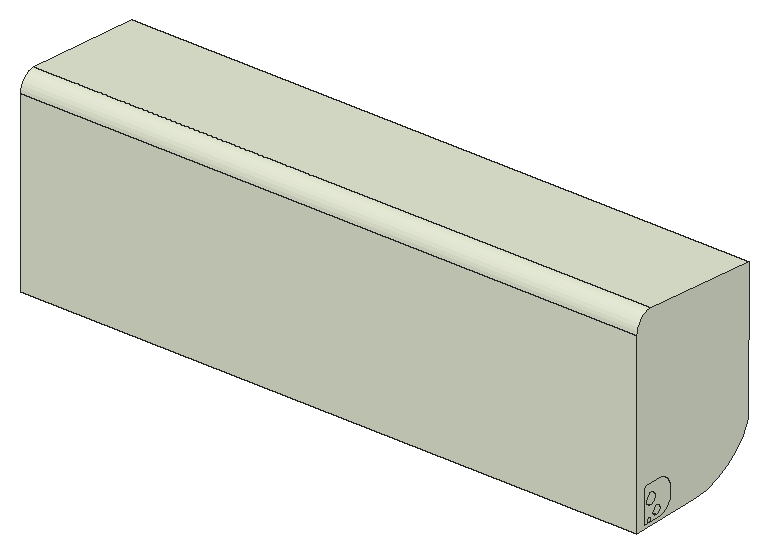
Revit family "Trane_TVR_Indoor_Wall mounted_4TVW0012(15)EF000AA(2nd DC)", category Equipamento mecânico, Revit 2019
Family settings
  Cota do conector redondo = Utilizar diâmetro
  Tipo de parte = Normal
  Número OmniClass = 23.75.00.00
  Título OmniClass = Climate Control (HVAC)
  Com base no plano de trabalho = Não
  Sempre na vertical = Sim
  Corte com vazios quando carregada = Não
  Compartilhado = Não
  Ponto de cálculo do ambiente = Não
Parameters (values of type "4TVW0012EF000AA")
  clearance access right = 0.000 mm
  clearance access left = 0.000 mm
  clearance access front = 0.000 mm
  clearance access behind = 0.000 mm
  clearance [instance] = no
  Width = 990.000 mm
  URL = "https://www.trane.com/commercial/latin-america/br/pt.html"
  Series = "TVR ULTRA"
  Power supply = "220-240V ~50/60Hz"
  Panel color = "S1022"
  Net Weight = 11.40 kg
  Modelo = "4TVW0012EF000AA"
  Minimum Circuit Amps = 0.36 A
  Maximum Fuse Amps = 15 A
  Fabricante = "Trane"
  Machine material = Galvanized Steel
  Liquid pipe = 6.350 mm
  Installation = "Indoor installation"
  Height = 315.000 mm
  Heating Power Input = 30 W
  Heating Capacity = 4 kW
  Gas pipe = 12.700 mm
  Gas = "R410a"
  Descrição = "High efficiency air cooled"
  Depth = 223.000 mm
  Cooling Power Input = 30 W
  Cooling Capacity = 3.6 kW
  Condensation = "air"
  Air  Flow = "656/628/591/573/544/515/488 m3/h"
Types (3, lengths in mm): name | Net Weight | Modelo | Minimum Circuit Amps | Heating Power Input | Heating Capacity | Cooling Power Input | Cooling Capacity | Air  Flow
  (no name) | 11.40 kg | "4TVW0012EF000AA" | 0.36 A | 30 W | 4 kW | 30 W | 3.6 kW | "656/628/591/573/544/515/488 m3/h"
  4TVW0012EF000AA | 11.40 kg | "4TVW0012EF000AA" | 0.36 A | 30 W | 4 kW | 30 W | 3.6 kW | "656/628/591/573/544/515/488 m3/h"
  4TVW0015EF000AA | 12.80 kg | "4TVW0015EF000AA" | 0.38 A | 40 W | 5 kW | 40 W | 4.5 kW | "594/563/535/507/478/450/424 m3/h"
Reference planes
  plane 1 "center(front/back)": y = 0
  plane 2: z = 0
  plane 3 "center(left/right)": x = 0
  plane 4: z = 315
Forms (mm)
  Extrusion 1, solid, material "Galvanized Steel" <- "Machine material", detail levels fine
    sketch origin (0, 125, 12.5) x (0, 1, 0) y (0, 0, 1)
      loop
        circle (-113.005, 29.131) r 8.25
    from -327.547 to 495
  Extrusion 2, solid, material "Galvanized Steel" <- "Machine material", detail levels fine
    sketch origin (0, 123.592, 9.769) x (0, 1, 0) y (0, 0, 1)
      loop
        circle (-100.476, 10.907) r 6.35
    from -327.547 to 495
  Extrusion 3, solid, material "Galvanized Steel" <- "Machine material", detail levels fine
    sketch origin (0, 127.199, 0) x (0, 1, 0) y (0, 0, 1)
      loop
        circle (-119.554, 12.9) r 3.175
    from -327.547 to 495
  Extrusion 4, solid, material "Galvanized Steel" <- "Machine material", detail levels medium+fine
    sketch origin (0, 0, 0) x (0, 1, 0) y (0, 0, 1)
      loop
        line (-15.153, 3.096) -> (102.269, 3.096)
        arc (102.269, 3.096) -> (164.737, 21.198) -> (207.847, 69.896) r 116.833
        line (207.847, 69.896) -> (207.847, 295.428) -> (12.607, 314.663)
        arc (12.607, 314.663) -> (-7.022, 306.533) -> (-15.153, 286.904) r 27.759
        line (-15.153, 286.904) -> (-15.153, 3.096)
    from 495 to -495
  Extrusion 5, solid, material "Galvanized Steel" <- "Machine material", detail levels fine
    sketch origin (0, 0, 0) x (0, 1, 0) y (0, 0, 1)
      loop
        arc (101.5, 0) -> (137.495, 5.734) -> (169.928, 22.368) r 115.852
        line (169.928, 22.368) -> (162.857, 29.439) -> (91.134, 7.511) -> (91.134, 0) -> (101.5, 0)
    from 435 to -435
  Extrusion 6, solid, material "Galvanized Steel" <- "Machine material", detail levels fine
    sketch origin (0, 0, 0) x (0, 1, 0) y (0, 0, 1)
      loop
        line (0, 63) -> (0, 9) -> (30, 9)
        arc (30, 9) -> (44.142, 14.858) -> (50, 29) r 20
        line (50, 29) -> (50, 43)
        arc (50, 43) -> (44.142, 57.142) -> (30, 63) r 20
        line (30, 63) -> (0, 63)
    from 495 to -495
Lines and regions (mm)
  model lines, detail levels fine
    curve 1: line (435, 183.698, 297.807) -> (-320, 183.698, 297.807)
    curve 2: line (-320, 183.698, 297.807) -> (-320, 33.076, 312.647)
    curve 3: line (-320, 33.076, 312.647) -> (435, 33.076, 312.647)
    curve 4: line (435, 33.076, 312.647) -> (435, 183.698, 297.807)
    curve 5: line (-20, 33.076, 312.647) -> (-20, 183.698, 297.807)
    curve 6: line (130, 33.076, 312.647) -> (130, 183.698, 297.807)
    curve 7: line (-170, 33.076, 312.647) -> (-170, 183.698, 297.807)
    curve 8: line (205, 33.076, 312.647) -> (205, 183.698, 297.807)
    curve 9: line (55, 33.076, 312.647) -> (55, 183.698, 297.807)
    curve 10: line (-95, 33.076, 312.647) -> (-95, 183.698, 297.807)
    curve 11: line (-245, 33.076, 312.647) -> (-245, 183.698, 297.807)
    curve 12: line (435, 82.835, 307.744) -> (-320, 82.835, 307.744)
    curve 13: line (435, 133.939, 302.71) -> (-320, 133.939, 302.71)
    curve 14: line (202, 33.076, 312.647) -> (202, 183.698, 297.807)
    curve 15: line (127, 33.076, 312.647) -> (127, 183.698, 297.807)
    curve 16: line (52, 33.076, 312.647) -> (52, 183.698, 297.807)
    curve 17: line (-23, 33.076, 312.647) -> (-23, 183.698, 297.807)
    curve 18: line (-98, 33.076, 312.647) -> (-98, 183.698, 297.807)
    curve 19: line (-173, 33.076, 312.647) -> (-173, 183.698, 297.807)
    curve 20: line (-248, 33.076, 312.647) -> (-248, 183.698, 297.807)
    curve 21: line (435, 79.85, 308.038) -> (-320, 79.85, 308.038)
    curve 22: line (435, 136.924, 302.415) -> (-320, 136.924, 302.415)
    curve 39: line (280, 33.076, 312.647) -> (280, 183.698, 297.807)
    curve 40: line (277, 33.076, 312.647) -> (277, 183.698, 297.807)
    curve 41: line (355, 33.076, 312.647) -> (355, 183.698, 297.807)
    curve 42: line (352, 33.076, 312.647) -> (352, 183.698, 297.807)
  model lines
    curve 23: line (495, 207.847, 295.428) -> (495, 12.607, 314.663)
    curve 24: line (495, 12.607, 314.663) -> (-495, 12.607, 314.663)
    curve 25: line (-495, 12.607, 314.663) -> (-495, 207.847, 295.428)
    curve 26: line (-495, 207.847, 295.428) -> (495, 207.847, 295.428)
    curve 27: line (-495, 207.847, 295.428) -> (-495, 207.847, 69.896)
    curve 28: line (-495, -15.153, 286.904) -> (-495, -15.153, 3.096)
    curve 29: arc (-495, 12.607, 314.663) -> (-495, -7.022, 306.533) -> (-495, -15.153, 286.904) r 27.759
    curve 30: line (-495, -15.153, 3.096) -> (-495, 102.269, 3.096)
    curve 31: arc (-495, 102.269, 3.096) -> (-495, 164.737, 21.198) -> (-495, 207.847, 69.896) r 116.833
    curve 32: line (495, -15.153, 286.904) -> (495, -15.153, 3.096)
    curve 33: arc (495, 12.607, 314.663) -> (495, -7.022, 306.533) -> (495, -15.153, 286.904) r 27.759
    curve 34: line (495, 207.847, 69.896) -> (495, 207.847, 295.428)
    curve 35: line (495, -15.153, 3.096) -> (495, 102.269, 3.096)
    curve 36: arc (495, 102.269, 3.096) -> (495, 164.737, 21.198) -> (495, 207.847, 69.896) r 116.833
    curve 37: line (495, 207.847, 69.896) -> (-495, 207.847, 69.896)
    curve 38: line (-495, -15.153, 3.096) -> (495, -15.153, 3.096)
Dimensions and locks
  "Height": level to plane 4
  "Depth": Extrusion 4 to Extrusion 4
  "Width": Extrusion 4 to Extrusion 4
  "Liquid pipe": diameter of Extrusion 3
  "Gas pipe": diameter of Extrusion 2
  aligned and locked: level to plane 2
Automatic sketch dimensions
  Extrusion 1 sketch curve to plane 1 "center(front/back)" = 11.995 mm
  level to Extrusion 1 sketch curve = 41.631 mm
  Extrusion 2 sketch curve to plane 1 "center(front/back)" = 23.116 mm
  level to Extrusion 2 sketch curve = 20.676 mm
  Extrusion 3 sketch curve to plane 1 "center(front/back)" = 7.645 mm
  level to Extrusion 3 sketch curve = 12.900 mm
  plane 1 "center(front/back)" to Extrusion 4 sketch curve = 15.153 mm
  level to Extrusion 4 sketch curve = 3.096 mm
  level to Extrusion 4 sketch curve = 69.896 mm
  Extrusion 4 sketch curve to plane 1 "center(front/back)" = 12.607 mm
  Extrusion 4 sketch curve to plane 1 "center(front/back)" = 102.269 mm
  Extrusion 4 sketch curve to Extrusion 4 sketch curve = 105.578 mm
  Extrusion 4 sketch curve to Extrusion 4 sketch curve = 175.499 mm
  Extrusion 4 sketch curve to Extrusion 4 sketch curve = 166.975 mm
  Extrusion 5 sketch curve to level = 0.000 mm
  Extrusion 5 sketch curve to plane 1 "center(front/back)" = 91.134 mm
  level to Extrusion 5 sketch curve = 7.511 mm
  Extrusion 5 sketch curve to Extrusion 5 sketch curve = 10.366 mm
  level to Extrusion 5 sketch curve = 29.439 mm
  Extrusion 5 sketch curve to Extrusion 5 sketch curve = 61.357 mm
  level to Extrusion 5 sketch curve = 22.368 mm
  Extrusion 5 sketch curve to Extrusion 5 sketch curve = 7.071 mm
  Extrusion 6 sketch curve to plane 1 "center(front/back)" = 0.000 mm
  level to Extrusion 6 sketch curve = 9.000 mm
  Extrusion 6 sketch curve to plane 1 "center(front/back)" = 30.000 mm  (x2)
  Extrusion 6 sketch curve to Extrusion 6 sketch curve = 20.000 mm
  Extrusion 6 sketch curve to Extrusion 6 sketch curve = 14.000 mm
  curve 27 to Extrusion 4 = 0.000 mm
  Extrusion 4 to curve 27 = 0.000 mm
  curve 34 to Extrusion 4 = 0.000 mm  (x2)
  curve 37 to Extrusion 4 = 0.000 mm  (x3)
  Extrusion 4 to curve 38 = 0.000 mm
  curve 38 to Extrusion 4 = 0.000 mm  (x2)
  curve 26 to Extrusion 4 = 0.000 mm
  Extrusion 4 to curve 26 = 0.000 mm
  curve 25 to Extrusion 4 = 0.000 mm  (x2)
  Extrusion 4 to curve 1 = 24.267 mm
  Extrusion 4 to curve 1 = 175.000 mm
  curve 3 to Extrusion 4 = 20.569 mm
  curve 1 to curve 22 = 47.000 mm
  curve 22 to curve 13 = 3.000 mm
  curve 12 to curve 3 = 50.000 mm
  curve 12 to curve 21 = 3.000 mm
  Extrusion 4 to curve 1 = 60.000 mm
  curve 1 to curve 20 = 72.000 mm
  curve 20 to curve 11 = 3.000 mm
  curve 11 to curve 19 = 72.000 mm
  curve 19 to curve 7 = 3.000 mm
  curve 7 to curve 18 = 72.000 mm
  curve 18 to curve 10 = 3.000 mm
  curve 10 to curve 17 = 72.000 mm
  curve 17 to curve 5 = 3.000 mm
  curve 5 to curve 16 = 72.000 mm
  curve 16 to curve 9 = 3.000 mm
  curve 9 to curve 15 = 72.000 mm
  curve 15 to curve 6 = 3.000 mm
  curve 6 to curve 14 = 72.000 mm
  curve 14 to curve 8 = 3.000 mm
  curve 8 to curve 40 = 72.000 mm
  curve 40 to curve 39 = 3.000 mm
  curve 39 to curve 42 = 72.000 mm
  curve 42 to curve 41 = 3.000 mm
  radius of Extrusion 1 sketch curve = 8.250 mm
  radius of Extrusion 2 sketch curve = 6.350 mm
  radius of Extrusion 3 sketch curve = 3.175 mm
  radius of curve 29 to Extrusion 4 = 0.000 mm
  radius of curve 31 to Extrusion 4 = 0.000 mm
  radius of curve 33 to Extrusion 4 = 0.000 mm
  radius of curve 36 to Extrusion 4 = 0.000 mm
Connectors
  piping at (495, 11.995, 41.631), diameter 16.5
    settings: on Extrusion 1, index 5, connector inside diameter 16.5 mm, connector length 0.000 mm, flow factor 0, pipe flow 0.0 m³/h, pressure drop 0.0 Pa, fitting loss kfactor 0, connector angle 0.00°, fixture units 0, engagement length 0.000 mm, angle of deflection 0.00°, flow configuration 1, flow direction 2, fitting loss method 0, system type 29, joint type 0, gender type 0, connector reference index -1, connector utility 0, adjustable connector no, is connector primary yes, connector description "Drain pipe OD Φ 16.5mm"
  piping at (495, 23.116, 20.676), diameter 12.7
    settings: on Extrusion 2, index 6, connector inside diameter 12.7 mm, connector length 0.000 mm, flow factor 0, pipe flow 0.0 m³/h, pressure drop 0.0 Pa, fitting loss kfactor 0, connector angle 0.00°, fixture units 0, engagement length 0.000 mm, angle of deflection 0.00°, flow configuration 1, flow direction 0, fitting loss method 4, system type 22, joint type 0, gender type 0, connector reference index -1, connector utility 0, adjustable connector no, is connector primary no, connector description "Gas pipe Φ12.7mm"
  piping at (495, 7.645, 12.9), diameter 6.35
    settings: on Extrusion 3, index 7, connector inside diameter 6.35 mm, connector length 0.000 mm, flow factor 0, pipe flow 0.0 m³/h, pressure drop 0.0 Pa, fitting loss kfactor 0, connector angle 0.00°, fixture units 0, engagement length 0.000 mm, angle of deflection 0.00°, flow configuration 1, flow direction 0, fitting loss method 4, system type 22, joint type 0, gender type 0, connector reference index -1, connector utility 0, adjustable connector no, is connector primary no, connector description "Liquid pipe Φ6.35mm"
  electrical at (-495, 26.667, 36)
    settings: on Extrusion 6, index 8, voltage 220 V, apparent load 0 VA, apparent load phase1 0 VA, apparent load phase2 0 VA, apparent load phase3 0 VA, power factor 1, load classification "Power", number of poles 1, system type 30, power factor state 1, is connector primary yes, connector utility no, sub classification motor no, connector description "The location of electrical connectors is not the same as the actual location because the wiring terminal is inside the unit."
